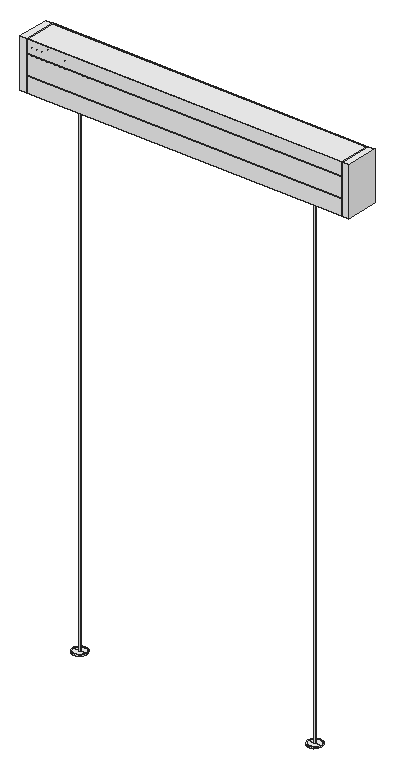
Revit family "2.3 inch  MAGIC WALL WASH LINEAR LIGHT", category Lighting Fixtures, host Face, Revit 2020 (continued)
Types (17): name | Wattage Comments | Wattage | Wall Mount | Suspenders Distance | Surface Mount | Recessed Mount | Photometric Web File | Pendent Mount | Order number | built-in parameter 1150142 | Model | built-in parameter 1150105 | Lumens | Light Source Height | Light Source Distance | built-in parameter 1150106 | Fixture Length
       2.81     2.53     2.28     2.04     1.82     1.62     1.62     1.64     1.65     \r\n 1.66     1.68     1.69     1.70     1.71     1.72     1.74     1.75     1.76     1.77     \r\n 1.79     1.81     1.82     1.84     1.85     1.85     1.87     1.88     1.90     1.92     \r\n 1.93     1.94     1.96     1.98     1.99     2.00     2.02     2.04     2.05     2.06     \r\n 2.08     2.10     2.11     2.13     2.14     2.16     2.17     2.19     2.20     2.21     \r\n 2.22     2.23     2.24     2.26     2.27     2.27     2.28     2.29     2.30     2.30     \r\n 2.27     2.18     2.12     2.08     2.05     2.02     1.99     1.97     1.95     1.94     \r\n 1.94     1.93     1.93     1.93     1.92     1.88     1.86     1.85     1.85     1.86     \r\n 1.88     1.90     1.91     1.92     1.93     1.94     1.95     1.98     2.00     2.02     \r\n 2.05     2.07     2.09     2.12     2.14     2.16     2.18     2.20     2.22     2.25     \r\n 2.28     2.31     2.33     2.36     2.39     2.43     2.46     2.50     2.54     2.57     \r\n 2.60     2.64     2.67     2.71     2.74     2.77     2.80     2.84     2.88     2.91     \r\n 2.95     2.99     3.03     3.06     3.10     3.14     3.18     3.22     3.26     3.31     \r\n 3.36     3.39     3.43     3.47     3.51     3.55     3.59     3.63     3.67     3.71     \r\n 3.75     3.79     3.83     3.89     3.94     3.97     4.00     4.06     4.12     4.19     \r\n 4.26     \r\n1793.11  1807.47  1821.83  1835.03  1848.23  1860.64  1873.04  1884.65  1896.26  1907.02  \r\n 1917.78  1928.57  1939.36  1949.75  1960.14  1969.59  1979.03  1987.61  1996.18  2004.62  \r\n 2013.06  2020.99  2028.92  2036.71  2044.50  2050.79  2057.07  2063.51  2069.94  2075.72  \r\n 2081.50  2086.14  2090.78  2095.85  2100.93  2105.81  2110.70  2114.85  2119.01  2122.91  \r\n 2126.81  2128.61  2130.42  2132.26  2134.11  2135.23  2136.34  2138.17  2140.00  2139.23  \r\n 2138.46  2137.72  2136.98  2134.58  2132.17  2131.05  2129.92  2127.21  2124.50  2118.34  \r\n 2112.19  2107.14  2102.09  2096.56  2091.03  2083.47  2075.91  2066.54  2057.17  2047.78  \r\n 2038.39  2027.35  2016.30  2005.37  1994.43  1981.90  1969.37  1955.18  1940.98  1925.90  \r\n 1910.83  1894.69  1878.54  1862.78  1847.02  1828.84  1810.66  1792.21  1773.75  1753.54  \r\n 1733.33  1713.69  1694.05  1671.77  1649.49  1627.06  1604.63  1582.06  1559.49  1535.71  \r\n 1511.93  1486.68  1461.42  1437.05  1412.68  1387.41  1362.14  1336.76  1311.39  1284.28  \r\n 1257.18  1231.39  1205.61  1179.21  1152.82  1126.14  1099.47  1073.44  1047.40  1021.24  \r\n 995.09   969.59   944.09   917.96   891.84   867.07   842.31   818.25   794.18   770.24   \r\n 746.30   723.21   700.12   677.89   655.67   633.28   610.89   590.37   569.84   549.30   \r\n 528.76   508.94   489.11   470.04   450.96   432.51   414.06   396.83   379.61   362.54   \r\n 345.47   329.43   313.39   297.62   281.86   266.10   250.35   236.13   221.92   208.39   \r\n 194.87   182.16   169.44   157.30   145.16   133.85   122.55   108.49   94.43    73.79    \r\n 53.15    43.22    33.28    28.15    23.02    18.40    13.78    9.64     5.49     3.71     \r\n 15.34    4.40     4.04     3.81     3.58     3.38     3.19     3.01     2.83     2.67     \r\n 2.51     2.35     2.19     2.05     1.90     1.77     1.64     1.52     1.40     1.29     \r\n 1.18     1.09     1.00     0.92     0.83     0.77     0.71     0.65     0.59     0.56     \r\n 0.52     0.51     0.49     0.49     0.50     0.51     0.52     0.53     0.53     0.54     \r\n 0.54     0.56     0.59     0.59     0.60     0.62     0.64     0.66     0.68     0.68     \r\n 0.69     0.71     0.72     0.73     0.73     0.75     0.77     0.80     0.82     0.83     \r\n 0.84     0.85     0.87     0.88     0.89     0.91     0.93     0.95     0.97     0.98     \r\n 0.98     1.01     1.03     1.04     1.05     1.08     1.10     1.11     1.12     1.14     \r\n 1.15     1.17     1.19     1.21     1.24     1.26     1.27     1.28     1.29     1.31     \r\n 1.33     1.35     1.37     1.39     1.42     1.43     1.45     1.47     1.49     1.51     \r\n 1.53     1.55     1.57     1.59     1.61     1.62     1.64     1.67     1.70     1.71     \r\n 1.73     1.75     1.78     1.81     1.84     1.86     1.88     1.90     1.93     1.96     \r\n 1.99     2.02     2.04     2.07     2.09     2.12     2.16     2.19     2.22     2.25     \r\n 2.28     2.31     2.33     2.36     2.39     2.43     2.47     2.49     2.52     2.56     \r\n 2.59     2.64     2.70     2.71     2.73     2.76     2.79     2.82     2.86     2.89     \r\n 2.93     2.97     3.01     3.04     3.07     3.11     3.14     3.18     3.22     3.26     \r\n 3.30     3.33     3.37     3.41     3.44     3.48     3.52     3.56     3.60     3.64     \r\n 3.67     3.71     3.75     3.79     3.82     3.86     3.90     3.93     3.97     4.00     \r\n 4.26     \r\n1793.11  1807.28  1821.43  1834.44  1847.44  1859.66  1871.86  1883.26  1894.63  1905.20  \r\n 1915.75  1926.29  1936.82  1946.94  1957.03  1966.26  1975.45  1983.87  1992.25  2000.39  \r\n 2008.50  2016.19  2023.84  2031.31  2038.75  2044.92  2050.95  2057.11  2063.27  2068.83  \r\n 2074.31  2078.86  2083.29  2087.93  2092.58  2096.98  2101.33  2105.30  2109.22  2112.70  \r\n 2116.09  2117.89  2119.40  2120.84  2122.25  2123.00  2123.60  2124.63  2125.73  2125.04  \r\n 2123.92  2122.75  2121.56  2118.93  2115.91  2113.74  2111.80  2108.60  2105.00  2099.26  \r\n 2092.84  2086.81  2080.88  2074.53  2068.02  2060.21  2051.90  2042.53  2032.73  2022.68  \r\n 2012.51  2001.26  1989.52  1977.73  1965.91  1952.90  1939.30  1924.76  1909.71  1893.98  \r\n 1877.85  1861.35  1844.65  1827.66  1810.48  1792.05  1772.81  1753.44  1733.98  1713.70  \r\n 1692.81  1671.91  1650.98  1628.99  1606.13  1583.06  1559.80  1536.41  1512.92  1488.94  \r\n 1464.47  1439.33  1413.46  1388.10  1363.38  1337.96  1311.62  1285.43  1259.46  1232.95  \r\n 1205.65  1178.78  1152.66  1126.34  1099.65  1073.01  1046.52  1020.17  994.14   968.02   \r\n 941.63   915.54   890.42   865.17   839.34   813.78   789.48   765.25   741.26   717.36   \r\n 694.28   671.26   648.28   625.32   603.76   582.25   560.78   539.37   519.06   498.88   \r\n 478.74   458.63   439.48   420.66   402.20   383.85   365.87   348.14   330.88   313.99   \r\n 297.48   281.46   265.74   250.50   235.51   221.18   206.98   193.18   179.59   166.85   \r\n 154.35   142.18   130.29   118.61   106.79   95.09    83.83    72.81    62.24    52.22    \r\n 42.64    34.43    26.71    19.43    12.83    9.43     7.45     6.01     5.40     5.05     \r\n 4.70     4.43     4.17     3.92     3.72     3.51     3.31     3.12     2.93     2.73     \r\n 2.53     2.35     2.18     2.02     1.88     1.74     1.62     1.50     1.39     1.28     \r\n 1.18     1.09     1.00     0.92     0.83     0.77     0.70     0.64     0.59     0.56     \r\n 0.54     0.53     0.53     0.54     0.55     0.56     0.57     0.58     0.59     0.60     \r\n 0.61     0.63     0.64     0.65     0.66     0.67     0.69     0.70     0.71     0.72     \r\n 0.74     0.75     0.76     0.77     0.78     0.80     0.82     0.84     0.85     0.86     \r\n 0.87     0.89     0.90     0.91     0.93     0.94     0.96     0.97     0.99     1.00     \r\n 1.02     1.04     1.05     1.07     1.08     1.10     1.12     1.13     1.14     1.16     \r\n 1.18     1.19     1.21     1.23     1.25     1.27     1.29     1.30     1.31     1.33     \r\n 1.35     1.37     1.39     1.41     1.43     1.44     1.46     1.48     1.50     1.52     \r\n 1.54     1.56     1.58     1.60     1.62     1.64     1.66     1.69     1.71     1.72     \r\n 1.74     1.77     1.79     1.82     1.85     1.87     1.89     1.91     1.94     1.97     \r\n 2.00     2.03     2.05     2.08     2.10     2.14     2.17     2.20     2.23     2.26     \r\n 2.29     2.32     2.34     2.37     2.40     2.44     2.48     2.50     2.53     2.56     \r\n 2.60     2.65     2.70     2.71     2.73     2.76     2.80     2.83     2.86     2.90     \r\n 2.94     2.97     3.01     3.04     3.08     3.11     3.15     3.18     3.22     3.26     \r\n 3.30     3.34     3.38     3.41     3.45     3.49     3.53     3.56     3.60     3.64     \r\n 3.67     3.71     3.75     3.79     3.82     3.86     3.90     3.93     3.97     4.00     \r\n 4.26     \r\n1793.11  1806.98  1820.81  1833.55  1846.25  1858.21  1870.12  1881.26  1892.31  1902.66  \r\n 1912.91  1923.13  1933.33  1943.15  1952.85  1961.89  1970.75  1979.04  1987.16  1995.00  \r\n 2002.73  2010.17  2017.48  2024.63  2031.67  2037.89  2043.63  2049.43  2055.28  2060.73  \r\n 2065.87  2070.50  2074.68  2078.88  2083.09  2087.11  2090.89  2094.60  2098.24  2101.59  \r\n 2104.45  2106.71  2107.90  2109.03  2110.01  2110.73  2110.82  2110.98  2111.37  2111.34  \r\n 2109.89  2108.40  2106.77  2104.87  2101.27  2097.73  2095.03  2092.20  2087.78  2083.27  \r\n 2076.65  2070.02  2063.32  2056.58  2049.22  2041.77  2032.99  2024.03  2014.08  2003.96  \r\n 1993.29  1982.45  1970.53  1958.23  1945.75  1933.18  1919.34  1904.84  1889.60  1873.91  \r\n 1857.50  1840.54  1823.51  1806.46  1788.83  1770.48  1751.44  1731.41  1711.32  1691.16  \r\n 1670.67  1649.41  1628.02  1606.16  1584.07  1561.00  1537.86  1514.16  1490.43  1466.43  \r\n 1442.40  1417.73  1393.01  1367.17  1341.16  1316.26  1291.66  1265.48  1238.60  1212.26  \r\n 1186.26  1159.76  1132.86  1106.42  1080.57  1053.52  1026.10  998.93   972.24   945.66   \r\n 919.48   893.42   867.11   840.97   816.16   791.67   766.81   741.93   717.96   694.68   \r\n 671.59   648.74   626.30   604.70   583.25   561.96   540.89   520.82   501.04   481.54   \r\n 462.29   443.49   425.27   407.27   389.78   372.53   355.77   338.56   321.07   304.05   \r\n 287.34   271.31   255.60   240.18   225.07   210.39   196.71   183.35   170.32   157.60   \r\n 145.18   132.99   121.07   109.47   98.46    87.84    77.47    67.43    57.78    48.89    \r\n 40.91    33.26    25.99    18.99    12.23    7.53     6.78     6.11     5.51     4.95     \r\n 4.41     4.18     3.94     3.70     3.46     3.22     3.02     2.84     2.66     2.48     \r\n 2.29     2.11     1.96     1.83     1.72     1.60     1.49     1.38     1.27     1.17     \r\n 1.07     1.00     0.92     0.86     0.79     0.73     0.68     0.64     0.61     0.58     \r\n 0.56     0.55     0.54     0.54     0.54     0.55     0.56     0.57     0.59     0.60     \r\n 0.61     0.63     0.64     0.66     0.67     0.68     0.70     0.71     0.72     0.74     \r\n 0.76     0.77     0.79     0.80     0.82     0.84     0.85     0.86     0.88     0.89     \r\n 0.91     0.93     0.94     0.96     0.97     0.98     1.00     1.02     1.03     1.05     \r\n 1.07     1.08     1.10     1.11     1.13     1.14     1.16     1.17     1.19     1.20     \r\n 1.22     1.24     1.25     1.27     1.29     1.30     1.31     1.33     1.35     1.36     \r\n 1.38     1.40     1.42     1.44     1.46     1.47     1.49     1.51     1.53     1.55     \r\n 1.57     1.59     1.61     1.63     1.65     1.67     1.69     1.71     1.73     1.75     \r\n 1.77     1.79     1.82     1.85     1.87     1.89     1.92     1.94     1.97     2.00     \r\n 2.03     2.05     2.08     2.10     2.13     2.16     2.19     2.22     2.25     2.28     \r\n 2.31     2.33     2.36     2.39     2.43     2.46     2.49     2.52     2.55     2.58     \r\n 2.62     2.67     2.70     2.72     2.75     2.78     2.81     2.84     2.88     2.91     \r\n 2.95     2.99     3.02     3.05     3.09     3.12     3.16     3.20     3.23     3.27     \r\n 3.31     3.35     3.38     3.42     3.45     3.49     3.53     3.57     3.60     3.64     \r\n 3.68     3.72     3.76     3.79     3.83     3.86     3.90     3.93     3.97     4.00     \r\n 4.26     \r\n1793.11  1806.57  1819.99  1832.37  1844.67  1856.31  1867.83  1878.68  1889.32  1899.42  \r\n 1909.29  1919.13  1928.92  1938.42  1947.68  1956.52  1964.98  1973.14  1980.93  1988.55  \r\n 1995.83  2002.99  2009.92  2016.76  2023.36  2029.76  2035.16  2040.55  2046.04  2051.53  \r\n 2056.29  2061.03  2065.00  2068.90  2072.67  2076.38  2079.70  2082.86  2086.14  2089.49  \r\n 2092.21  2094.51  2096.04  2096.92  2097.64  2098.17  2098.35  2097.92  2097.51  2097.17  \r\n 2096.51  2094.73  2092.92  2090.87  2088.76  2084.62  2080.43  2076.94  2073.43  2068.50  \r\n 2063.24  2056.84  2050.08  2042.89  2035.43  2027.53  2019.26  2010.41  2000.91  1991.10  \r\n 1980.77  1970.19  1958.83  1947.26  1934.57  1921.84  1908.70  1895.51  1880.48  1865.24  \r\n 1849.28  1833.12  1816.00  1798.41  1781.04  1763.86  1745.80  1726.54  1706.85  1686.33  \r\n 1665.77  1645.20  1624.53  1601.06  1577.61  1553.24  1528.75  1503.92  1478.98  1453.62  \r\n 1427.95  1402.25  1376.51  1350.73  1324.71  1298.69  1271.61  1244.59  1218.66  1192.91  \r\n 1166.09  1138.82  1112.18  1086.28  1060.29  1033.65  1007.15  981.54   956.05   930.77   \r\n 905.69   880.65   855.60   830.84   806.93   783.20   759.93   736.94   714.47   692.38   \r\n 670.44   648.53   626.31   603.58   581.25   559.31   537.79   516.53   496.03   475.83   \r\n 456.04   436.68   417.63   399.15   380.98   363.17   345.81   328.76   312.24   296.19   \r\n 280.47   265.03   249.98   235.24   221.03   207.18   193.61   180.42   167.59   155.06   \r\n 142.87   131.09   119.54   108.23   97.99    87.99    78.19    68.58    59.16    49.92    \r\n 40.85    31.93    23.15    20.15    17.65    15.24    12.92    10.66    8.45     6.27     \r\n 4.11     3.90     3.70     3.49     3.28     3.07     2.86     2.65     2.44     2.31     \r\n 2.17     2.04     1.91     1.78     1.65     1.52     1.39     1.26     1.17     1.09     \r\n 1.02     0.94     0.87     0.81     0.75     0.70     0.65     0.61     0.58     0.55     \r\n 0.55     0.56     0.57     0.58     0.58     0.59     0.60     0.61     0.62     0.63     \r\n 0.64     0.65     0.66     0.67     0.69     0.71     0.72     0.73     0.73     0.75     \r\n 0.76     0.78     0.80     0.81     0.83     0.84     0.85     0.87     0.88     0.90     \r\n 0.92     0.93     0.94     0.96     0.97     0.99     1.01     1.03     1.04     1.06     \r\n 1.08     1.10     1.11     1.13     1.14     1.16     1.18     1.20     1.21     1.23     \r\n 1.25     1.27     1.29     1.30     1.32     1.34     1.36     1.38     1.40     1.41     \r\n 1.43     1.45     1.46     1.48     1.50     1.52     1.54     1.56     1.58     1.60     \r\n 1.61     1.63     1.65     1.67     1.69     1.71     1.73     1.75     1.77     1.79     \r\n 1.81     1.84     1.86     1.88     1.91     1.93     1.96     1.98     2.01     2.04     \r\n 2.06     2.09     2.11     2.14     2.17     2.20     2.23     2.26     2.28     2.31     \r\n 2.34     2.37     2.40     2.43     2.46     2.49     2.52     2.55     2.58     2.62     \r\n 2.66     2.69     2.72     2.74     2.77     2.80     2.84     2.87     2.90     2.94     \r\n 2.97     3.01     3.04     3.07     3.10     3.14     3.17     3.21     3.25     3.29     \r\n 3.32     3.36     3.40     3.43     3.47     3.50     3.54     3.58     3.61     3.65     \r\n 3.69     3.72     3.76     3.80     3.83     3.87     3.90     3.94     3.97     4.00     \r\n 4.26     \r\n1793.11  1806.07  1818.96  1830.91  1842.72  1853.97  1865.02  1875.55  1885.71  1895.50  \r\n 1904.93  1914.32  1923.64  1932.82  1941.57  1950.20  1958.21  1966.19  1973.61  1981.01  \r\n 1987.91  1994.67  2001.23  2007.70  2013.95  2020.03  2025.62  2030.63  2035.65  2040.73  \r\n 2045.68  2050.01  2054.30  2057.89  2061.47  2064.74  2067.93  2070.67  2073.20  2076.01  \r\n 2079.02  2081.46  2083.18  2084.51  2085.05  2085.51  2085.60  2085.63  2084.71  2083.75  \r\n 2082.72  2081.62  2079.81  2077.72  2075.43  2072.96  2069.65  2064.98  2060.40  2056.22  \r\n 2051.88  2045.94  2039.91  2033.16  2026.33  2018.63  2010.51  2001.93  1992.92  1983.56  \r\n 1973.62  1963.57  1953.14  1942.71  1931.02  1919.23  1906.56  1891.19  1875.02  1858.53  \r\n 1841.33  1822.95  1804.47  1785.30  1766.06  1745.76  1725.37  1705.22  1685.13  1664.20  \r\n 1642.24  1620.10  1597.20  1574.30  1551.51  1528.73  1505.62  1482.37  1458.72  1434.42  \r\n 1410.12  1385.63  1361.17  1336.12  1310.92  1285.89  1261.06  1236.29  1211.43  1186.68  \r\n 1161.13  1135.43  1110.12  1085.26  1060.44  1035.07  1009.86  985.54   961.89   937.50   \r\n 910.48   883.73   857.62   831.95   806.63   781
